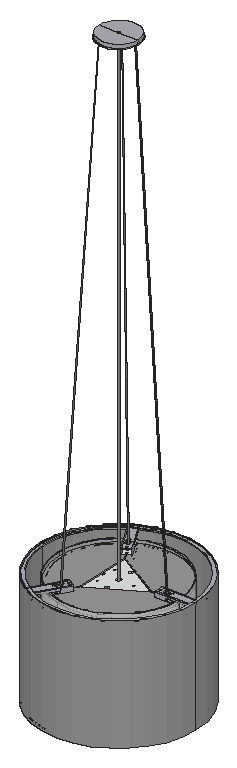
Revit family "Lighting - Lumetta - Pendant - P2023", category Lighting Fixtures, host Ceiling, Revit 2015
Parameters
  Wattage = 11.7117 W
  built-in parameter 1150110 = 1 (stored number, unit not read)
  URL = "https://lumetta.com/luminaires/shadow-drum-23-pendant/"
  Type Comments = ""
  built-in parameter 1114217 = 1 (stored number, unit not read)
  Top Lens-Material [instance] = Acrylic - 2447 - White
  Top Lens (Inner Core) [instance] = yes
  built-in parameter 1150109 = 1 (stored number, unit not read)
  built-in parameter 1150134 = (empty or 0)
  Suspension [instance] = 2
  built-in parameter 1150113 = 1 (stored number, unit not read)
  Stem Hung-ALL Lamping [instance] = Suspension = 3  # no
  P2048 URL [instance] = "https://lumetta.com/luminaires/shadow-drum-23-pendant/"
  Light Source Symbol Size = 0' - 1"
  Fixture Outer Drop [instance] = 6' - 0"
  Diffuser Outer Material [instance] = Glass, Matte
  1CRD-3CBL- LED-4 Wire [instance] = Suspension = 2  # yes
  Coupling-Stems Over 60 inches [instance] = and([Stem Hung-ALL Lamping], Fixture Outer Drop > 5' 0")  # no
  Model = "P2023"  # constant formula
  Manufacturer = "Lumetta, Inc."  # constant formula
  Lumens = 1300 lm
  built-in parameter 1150115 = 1 (stored number, unit not read)
  built-in parameter 1150105 = 103.45 (stored number, unit not read)
  built-in parameter 1150137 = (empty or 0)
  built-in parameter 1150139 = (empty or 0)
  built-in parameter 1150112 = 1 (stored number, unit not read)
  built-in parameter 1150114 = 1 (stored number, unit not read)
  built-in parameter 1150132 = 1
  built-in parameter 1150102 = (empty or 0)
  built-in parameter 1150138 = (empty or 0)
  built-in parameter 1150107 = 3000 (stored number, unit not read)
  built-in parameter 1150106 = 1.0345 (stored number, unit not read)
  Frame Finish [instance] = Paint - Lumetta - F02 - PC_Chrome
  built-in parameter 1150104 = 10.312 (stored number, unit not read)
  Dimming Lamp Color Temperature Shift = (empty or 0)
  Diffuser Inner Material [instance] = Shade - Lumetta - D61 - MT_White
  Description = "Shadow Drum 23'' Pendant"  # constant formula
  Cord [instance] = or(Suspension = 1, Suspension = 2)  # yes
  Bottom Lens-Material [instance] = Acrylic - P95 - Etched White
  Bottom Lens (Inner Core) [instance] = yes
  3 Cables [instance] = or(Suspension = 1, Suspension = 2)  # yes
  1CRD-3CBL-STD and 2 or 3 Wire [instance] = Suspension = 1  # no
  Cord Color [instance] = Cord, Black
  Color Filter = 16777215
  built-in parameter 1114218 = 1 (stored number, unit not read)
  built-in parameter 1150133 = 10 (stored number, unit not read)
Reference planes (in)
  plane 1 "Light Source Axis (F/B)": y = 0
  plane 2 "Ceiling": z = 96
  plane 3 "Light Source Axis (L/R)": x = 0
  plane 4 "Light Source Elevation": z = 21
  plane 5 "Fixture- Inner Top": z = 23.5
  plane 6 "Fixture-Inner Radius": x = 9
  plane 7 "Fixture-Inner Height": z = 9.5
  plane 8: through (0, 0, 0) normal (-0.5, -0.866, 0)
  plane 9: y = 0
  plane 10: through (0, 0, 0) normal (0.5, -0.866, 0)
  plane 11 "Plane-120": through (-4.5, 7.79423, 0) normal (0.5, -0.866, 0)
  plane 12 "Plane-240": through (-66.85383, 28.20577, 0) normal (0.5, 0.866, 0)
  plane 13 "Fixture-Outer Radius": x = 11.5
  plane 14 "Fixture- Outer Top": z = 24
  plane 15 "Fixture-Outer Height": z = 7
Forms (in)
  Revolve 1, solid, material "Paint - Lumetta - F02 - PC_Chrome" <- "Frame Finish", visible <- "3 Cables"
    sketch origin (0, 0, 0) x (1, 0, 0) y (0, 0, 1)
      loop
        line (0, 95.4375) -> (3, 95.4375) -> (3, 95.5) -> (2.87509, 95.5) -> (2.87509, 96) -> (0, 96) -> (0, 95.4375)
      axis (0, 96) -> (0, 95.4375)
    angle from 0 to 360
  Extrusion 2, void
    sketch origin (0, 0, 95.4375) x (0, -1, 0) y (1, 0, 0)
      loop
        circle (0, 0) r 0.25
      loop
        circle (0, 2.5) r 0.06274
      loop
        circle (-2.16506, -1.25) r 0.06274
      loop
        circle (2.16506, -1.25) r 0.06274
    from 0 to 0.06358
  Revolve 3, solid, material "Paint - Lumetta - F02 - PC_Chrome" <- "Frame Finish"
    sketch origin (0, 0, 0) x (1, 0, 0) y (0, 0, 1)
      loop
        line (9, 23.5) -> (8.9375, 23.5) -> (8.9375, 23.0625) -> (8.5, 23.0625) -> (8.5, 23) -> (9, 23) -> (9, 23.5)
      loop
        line (9, 10) -> (8.9375, 10) -> (8.9375, 9.5625) -> (8.5, 9.5625) -> (8.5, 9.5) -> (9, 9.5) -> (9, 10)
      axis (0, 23.5) -> (0, 9.5)
    angle from 0 to 360
  Revolve 4, solid, material "Shade - Lumetta - D61 - MT_White" <- "Diffuser Inner Material"
    sketch origin (0, 0, 0) x (1, 0, 0) y (0, 0, 1)
      loop
        line (9, 23.5) -> (9, 9.49709) -> (9.06242, 9.49709) -> (9.06242, 23.5) -> (9, 23.5)
      axis (0, 23.5) -> (0, 9.49709)
    angle from 0 to 360
  Extrusion 5, solid, material "Paint - Lumetta - F02 - PC_Chrome" <- "Frame Finish", visible <- "Stem Hung-ALL Lamping"
    sketch origin (0, 0, 23.5) x (0, -1, 0) y (-1, 0, 0)
      loop
        circle (0, 0) r 0.25
    from 0.6833 to -72.5
  Revolve 6, solid, material "Paint - Lumetta - F02 - PC_Chrome" <- "Frame Finish", visible <- "Coupling-Stems Over 60 inches"
    sketch origin (0, 0, 0) x (1, 0, 0) y (0, 0, 1)
      loop
        line (0, 84.03023) -> (0, 83.5) -> (0.26233, 83.5)
        arc (0.26233, 83.5) -> (0.31307, 83.55074) -> (0.26233, 83.60149) r 0.05074
        arc (0.26233, 83.60149) -> (0.29304, 83.76499) -> (0.26243, 83.92851) r 0.45126
        arc (0.26243, 83.92851) -> (0.31329, 83.97937) -> (0.26243, 84.03023) r 0.05086
        line (0.26243, 84.03023) -> (0, 84.03023)
      axis (0, 84.03023) -> (0, 83.5)
    angle from 0 to 360
  Revolve 7, solid, material "Paint - Lumetta - F02 - PC_Chrome" <- "Frame Finish", visible <- "Stem Hung-ALL Lamping"
    sketch origin (0, 0, 0) x (1, 0, 0) y (0, 0, 1)
      loop
        line (0, 96) -> (0, 93.40625) -> (0.34988, 93.40625)
        arc (0.34988, 93.40625) -> (0.49124, 93.54417) -> (0.58115, 93.72) r 0.61026
        line (0.58115, 93.72) -> (3, 93.72) -> (3, 93.78) -> (2.875, 93.78) -> (2.875, 96) -> (0, 96)
      axis (0, 96) -> (0, 93.40625)
    angle from 0 to 360
  Extrusion 8, solid, material "Cord, Black" <- "Cord Color", visible <- "Cord"
    sketch origin (0, 0, 23.5) x (0, -1, 0) y (1, 0, 0)
      loop
        circle (0, 0) r 0.15674
    from -0.56254 to 72.5
  Extrusion 9, solid, material "Paint - Lumetta - F02 - PC_Chrome" <- "Frame Finish"
    sketch origin (0, 0, 23.5) x (0, -1, 0) y (1, 0, 0)
      loop
        line (-0.5, 8.9747) -> (-0.5, 7.7753) -> (0.5, 7.7753) -> (0.5, 8.9747) -> (-0.5, 8.9747)
      loop
        circle (0, 8) r 0.11051
      loop
        line (-7.52232, -4.92036) -> (-6.48361, -4.32066) -> (-6.98361, -3.45464) -> (-8.02232, -4.05434) -> (-7.52232, -4.92036)
      loop
        circle (-6.9282, -4) r 0.11051
      loop
        line (8.02232, -4.05434) -> (6.98361, -3.45464) -> (6.48361, -4.32066) -> (7.52232, -4.92036) -> (8.02232, -4.05434)
      loop
        circle (6.9282, -4) r 0.11051
    from -0.5 to -0.56254
  Extrusion 10, solid, material "Acrylic - P95 - Etched White" <- "Bottom Lens-Material", visible <- "Bottom Lens (Inner Core)"
    sketch origin (0, 0, 9.5) x (0, -1, 0) y (1, 0, 0)
      loop
        circle (0, 0) r 8.84375
    from 0.0625 to 0.11254
  Revolve 11, solid, material "Paint - Lumetta - F02 - PC_Chrome" <- "Frame Finish"
    sketch origin (0, 0, 0) x (1, 0, 0) y (0, 0, 1)
      loop
        line (11.5, 23.9375) -> (11, 23.9375) -> (11, 23.875) -> (11.4375, 23.875) -> (11.4375, 23.4375) -> (11.5, 23.4375) -> (11.5, 23.9375)
      loop
        line (11.5, 7) -> (11.5, 7.5) -> (11.4375, 7.5) -> (11.4375, 7.0625) -> (11, 7.0625) -> (11, 7) -> (11.5, 7)
      axis (0, 23.9375) -> (0, 7)
    angle from 0 to 360
  Revolve 12, solid, material "Glass, Matte" <- "Diffuser Outer Material"
    sketch origin (0, 0, 0) x (1, 0, 0) y (0, 0, 1)
      loop
        line (11.5, 24) -> (11.5, 7) -> (11.53313, 7) -> (11.53313, 24) -> (11.5, 24)
      axis (0, 7) -> (0, 24)
    angle from 0 to 360
  Extrusion 13, solid, material "Paint - Lumetta - F02 - PC_Chrome" <- "Frame Finish"
    sketch origin (0, 0, 24) x (-1, 0, 0) y (0, -1, 0)
      loop
        line (-6, -0.6875) -> (-6, 0.6875) -> (-11.375, 0.6875) -> (-11.375, -0.6875) -> (-6, -0.6875)
      loop
        arc (-8.06827, 0.20806) -> (-8.21157, -0.0066) -> (-8.06189, -0.21687) r 0.22735
        line (-8.06189, -0.21687) -> (-7.33757, -0.38022)
        arc (-7.33757, -0.38022) -> (-6.85737, 0) -> (-7.33757, 0.38022) r 0.39062
        line (-7.33757, 0.38022) -> (-8.06827, 0.20806)
      loop
        circle (-6.241, -0.01007) r 0.09467
      loop
        line (3.59539, -4.8524) -> (2.40461, -5.5399) -> (5.09211, -10.19479) -> (6.28289, -9.50729) -> (3.59539, -4.8524)
      loop
        arc (3.85395, -7.09136) -> (4.1115, -7.10812) -> (4.21876, -6.87336) r 0.22735
        line (4.21876, -6.87336) -> (3.99806, -6.16441)
        arc (3.99806, -6.16441) -> (3.42868, -5.93865) -> (3.33951, -6.54463) r 0.39062
        line (3.33951, -6.54463) -> (3.85395, -7.09136)
      loop
        circle (3.12922, -5.39983) r 0.09467
      loop
        line (2.40461, 5.5399) -> (3.59539, 4.8524) -> (6.28289, 9.50729) -> (5.09211, 10.19479) -> (2.40461, 5.5399)
      loop
        arc (4.21432, 6.8833) -> (4.10006, 7.11473) -> (3.84313, 7.09023) r 0.22735
        line (3.84313, 7.09023) -> (3.33951, 6.54463)
        arc (3.33951, 6.54463) -> (3.42868, 5.93865) -> (3.99806, 6.16441) r 0.39062
        line (3.99806, 6.16441) -> (4.21432, 6.8833)
      loop
        circle (3.11178, 5.4099) r 0.09467
    from -0.19992 to -0.125
  Revolve 14, solid, material "Paint - Lumetta - F02 - PC_Chrome" <- "Frame Finish", visible <- "Stem Hung-ALL Lamping"
    sketch origin (0, 0, 0) x (1, 0, 0) y (0, 0, 1)
      loop
        arc (1.9375, 93.33818) -> (2.13408, 93.49233) -> (2.03125, 93.72) r 0.20242
        line (2.03125, 93.72) -> (1.9375, 93.72) -> (1.9375, 93.33818)
      axis (1.9375, 93.72) -> (1.9375, 93.33818)
    angle from 0 to 360
  Revolve 15, solid, material "Paint - Lumetta - F02 - PC_Chrome" <- "Frame Finish", visible <- "Stem Hung-ALL Lamping"
    sketch origin (0, 0, 0) x (-1, 0, 0) y (0, 0, 1)
      loop
        arc (1.9375, 93.33818) -> (2.13408, 93.49233) -> (2.03125, 93.72) r 0.20242
        line (2.03125, 93.72) -> (1.9375, 93.72) -> (1.9375, 93.33818)
      axis (1.9375, 93.72) -> (1.9375, 93.33818)
    angle from 0 to 360
  Revolve 16, solid, material "Paint - Lumetta - F02 - PC_Chrome" <- "Frame Finish", visible <- "1CRD-3CBL- LED-4 Wire"
    sketch origin (0, 0, 1.7175) x (1, 0, 0) y (0, 0, 1)
      loop
        arc (1.9375, 93.33818) -> (2.13408, 93.49233) -> (2.03125, 93.72) r 0.20242
        line (2.03125, 93.72) -> (1.9375, 93.72) -> (1.9375, 93.33818)
      axis (1.9375, 93.72) -> (1.9375, 93.33818)
    angle from 0 to 360
  Revolve 17, solid, material "Paint - Lumetta - F02 - PC_Chrome" <- "Frame Finish", visible <- "1CRD-3CBL- LED-4 Wire"
    sketch origin (0, 0, 1.7175) x (-1, 0, 0) y (0, 0, 1)
      loop
        arc (1.9375, 93.33818) -> (2.13408, 93.49233) -> (2.03125, 93.72) r 0.20242
        line (2.03125, 93.72) -> (1.9375, 93.72) -> (1.9375, 93.33818)
      axis (1.9375, 93.72) -> (1.9375, 93.33818)
    angle from 0 to 360
  Revolve 18, solid, material "Paint - Lumetta - F02 - PC_Chrome" <- "Frame Finish", visible <- "1CRD-3CBL- LED-4 Wire"
    sketch origin (0, 0, 0) x (1, 0, 0) y (0, 0, 1)
      loop
        line (0, 95.4375) -> (0, 95.31123) -> (0.375, 95.31123) -> (0.375, 95.4375) -> (0, 95.4375)
      axis (0, 95.4375) -> (0, 95.31123)
    angle from 0 to 360
  Revolve 19, solid, material "Paint - Lumetta - F02 - PC_Chrome" <- "Frame Finish", visible <- "1CRD-3CBL-STD and 2 or 3 Wire"
    sketch origin (0, 0, 0) x (1, 0, 0) y (0, 0, 1)
      loop
        line (0, 95.4375) -> (0, 94.9375) -> (0.28309, 94.9375) -> (0.375, 95.4375) -> (0, 95.4375)
      axis (0, 95.4375) -> (0, 94.9375)
    angle from 0 to 360
  Extrusion 20, solid, material "Acrylic - 2447 - White" <- "Top Lens-Material", visible <- "Top Lens (Inner Core)"
    sketch origin (0, 0, 23.5) x (0, -1, 0) y (1, 0, 0)
      loop
        arc (-4.7754, -3.47877) -> (-4.76291, -3.57362) -> (-4.82115, -3.64952) r 0.125
        line (-4.82115, -3.64952) -> (-7.25632, -5.05546)
        arc (-7.25632, -5.05546) -> (0, -8.84375) -> (7.25632, -5.05546) r 8.84375
        line (7.25632, -5.05546) -> (4.79278, -3.63314)
        arc (4.79278, -3.63314) -> (4.7498, -3.57713) -> (4.75902, -3.50714) r 0.09224
        line (4.75902, -3.50714) -> (5.05665, -2.99163) -> (4.05271, -2.412) -> (-4.05271, -2.412) -> (-5.05665, -2.99163) -> (-4.7754, -3.47877)
      loop
        arc (-0.625, 5.875) -> (-0.71339, 5.91161) -> (-0.75, 6) r 0.125
        line (-0.75, 6) -> (-0.75, 8.81189)
        arc (-0.75, 8.81189) -> (-7.65891, 4.42188) -> (-8.00632, -3.75643) r 8.84375
        line (-8.00632, -3.75643) -> (-5.54278, -2.3341)
        arc (-5.54278, -2.3341) -> (-5.47279, -2.32488) -> (-5.41678, -2.36786) r 0.09224
        line (-5.41678, -2.36786) -> (-5.11915, -2.88337) -> (-4.11521, -2.30375) -> (-0.0625, 4.71575) -> (-0.0625, 5.875) -> (-0.625, 5.875)
      loop
        arc (5.4004, -2.39623) -> (5.4763, -2.33799) -> (5.57115, -2.35048) r 0.125
        line (5.57115, -2.35048) -> (8.00632, -3.75643)
        arc (8.00632, -3.75643) -> (7.65891, 4.42187) -> (0.75, 8.81189) r 8.84375
        line (0.75, 8.81189) -> (0.75, 5.96724)
        arc (0.75, 5.96724) -> (0.72298, 5.90202) -> (0.65776, 5.875) r 0.09224
        line (0.65776, 5.875) -> (0.0625, 5.875) -> (0.0625, 4.71575) -> (4.11521, -2.30375) -> (5.11915, -2.88337) -> (5.4004, -2.39623)
    from -0.4375 to -0.375
  Extrusion 21, solid, material "Paint - Lumetta - F02 - PC_Chrome" <- "Frame Finish"
    sketch origin (0, 0, 23.5) x (0, -1, 0) y (1, 0, 0)
      loop
        line (-0.6875, 5.99237) -> (-0.625, 5.99237) -> (-0.625, 11.36737) -> (-0.6875, 11.36737) -> (-0.6875, 5.99237)
      loop
        line (0.6875, 5.99237) -> (0.6875, 11.36737) -> (0.625, 11.36737) -> (0.625, 5.99237) -> (0.6875, 5.99237)
      loop
        line (-4.84579, -3.59158) -> (-4.87704, -3.53745) -> (-9.53193, -6.22495) -> (-9.50068, -6.27908) -> (-4.84579, -3.59158)
      loop
        line (-5.53329, -2.40079) -> (-10.18818, -5.08829) -> (-10.15693, -5.14242) -> (-5.50204, -2.45492) -> (-5.53329, -2.40079)
      loop
        line (5.53329, -2.40079) -> (5.50204, -2.45492) -> (10.15693, -5.14242) -> (10.18818, -5.08829) -> (5.53329, -2.40079)
      loop
        line (4.84579, -3.59158) -> (9.50068, -6.27908) -> (9.53193, -6.22495) -> (4.87704, -3.53745) -> (4.84579, -3.59158)
    from 0 to 0.375
  Extrusion 22, solid, material "Paint - Lumetta - F02 - PC_Chrome" <- "Frame Finish"
    sketch origin (0, 0, 23.5) x (0, -1, 0) y (1, 0, 0)
      loop
        line (-0.6875, 6) -> (-0.625, 6) -> (-0.625, 7.5) -> (-0.6875, 7.5) -> (-0.6875, 6)
      loop
        line (0.6875, 6) -> (0.6875, 7.5) -> (0.625, 7.5) -> (0.625, 6) -> (0.6875, 6)
      loop
        line (-4.8524, -3.59539) -> (-4.88365, -3.54127) -> (-6.18269, -4.29127) -> (-6.15144, -4.34539) -> (-4.8524, -3.59539)
      loop
        line (-5.5399, -2.40461) -> (-6.83894, -3.15461) -> (-6.80769, -3.20873) -> (-5.50865, -2.45873) -> (-5.5399, -2.40461)
      loop
        line (5.5399, -2.40461) -> (5.50865, -2.45873) -> (6.80769, -3.20873) -> (6.83894, -3.15461) -> (5.5399, -2.40461)
      loop
        line (4.8524, -3.59539) -> (6.15144, -4.34539) -> (6.18269, -4.29127) -> (4.88365, -3.54127) -> (4.8524, -3.59539)
    from -0.56254 to 0
  Sweep 23, solid, material "Steel, Galvanized", visible <- "3 Cables"
    path origin (0, 0, 0) x (1, 0, 0) y (0, 0, 1)
      loop
        line (2.5, 95.50108) -> (7.2587, 22.93746)
    profile origin (4.87935, 0, 59.21927) x (0.997857, 0, 0.065439) y (0, -1, 0)
      loop
        circle (0, 0) r 0.03083
  Extrusion 24, solid, material "Paint - Lumetta - F11 - PC_White"
    sketch origin (0.009, 0, 23.5) x (0, -1, 0) y (1, 0, 0)
      loop
        circle (0, 0) r 0.34375
      loop
        arc (-0.9375, 4.38322) -> (-0.73657, 4.28103) -> (-0.73258, 4.05564) r 0.21875
        line (-0.73258, 4.05564) -> (-3.87858, -1.39339)
        arc (-3.87858, -1.39339) -> (-4.07576, -1.50263) -> (-4.26473, -1.37971) r 0.21875
        line (-4.26473, -1.37971) -> (-7.59813, -3.30425) -> (-6.66063, -4.92805) -> (-3.32723, -3.00351)
        arc (-3.32723, -3.00351) -> (-3.3392, -2.7784) -> (-3.146, -2.66225) r 0.21875
        line (-3.146, -2.66225) -> (3.146, -2.66225)
        arc (3.146, -2.66225) -> (3.3392, -2.7784) -> (3.32723, -3.00351) r 0.21875
        line (3.32723, -3.00351) -> (6.66063, -4.92805) -> (7.59813, -3.30425) -> (4.26473, -1.37971)
        arc (4.26473, -1.37971) -> (4.07576, -1.50263) -> (3.87858, -1.39339) r 0.21875
        line (3.87858, -1.39339) -> (0.73258, 4.05564)
        arc (0.73258, 4.05564) -> (0.73657, 4.28103) -> (0.9375, 4.38322) r 0.21875
        line (0.9375, 4.38322) -> (0.9375, 8.2323) -> (-0.9375, 8.2323) -> (-0.9375, 4.38322)
      loop
        circle (0, 7.2497) r 0.1266
      loop
        circle (0, 7.991) r 0.09276
      loop
        circle (0, 6.4997) r 0.106
      loop
        circle (0, 5.9997) r 0.07031
      loop
        circle (-2.25, 0) r 0.26562
      loop
        circle (2.25, 0) r 0.26562
      loop
        circle (0, -2.25) r 0.10938
      loop
        circle (0, 2.25) r 0.10938
      loop
        circle (-1.641, -1.875) r 0.10938
      loop
        circle (1.639, -1.875) r 0.10938
      loop
        circle (-6.27842, -3.62485) r 0.1266
      loop
        circle (-6.92041, -3.9955) r 0.09276
      loop
        circle (-5.62891, -3.24985) r 0.106
      loop
        circle (-5.19589, -2.99985) r 0.07031
      loop
        circle (6.27842, -3.62485) r 0.1266
      loop
        circle (6.92041, -3.9955) r 0.09276
      loop
        circle (5.62891, -3.24985) r 0.106
      loop
        circle (5.19589, -2.99985) r 0.07031
    from -0.56254 to -0.62504
  Sweep 25, solid, material "Steel, Galvanized", visible <- "3 Cables"
    path origin (0, 0, 0) x (-0.5, 0.866025, 0) y (0, 0, 1)
      loop
        line (2.5, 95.50108) -> (7.2587, 22.93746)
    profile origin (-2.43967, 4.22564, 59.21927) x (-0.498928, 0.864169, 0.065439) y (0.866025, 0.5, 0)
      loop
        circle (0, 0) r 0.03083
  Sweep 26, solid, material "Steel, Galvanized", visible <- "3 Cables"
    path origin (0, 0, 0) x (-0.5, -0.866025, 0) y (0, 0, 1)
      loop
        line (2.5, 95.50108) -> (7.2587, 22.93746)
    profile origin (-2.43967, -4.22564, 59.21927) x (-0.498928, -0.864169, 0.065439) y (-0.866025, 0.5, 0)
      loop
        circle (0, 0) r 0.03083
Cuts and joins
  joined: Extrusion 21, Extrusion 22
Dimensions and locks (in)
  equal spacing: host sketch curve, plane 3 "Light Source Axis (L/R)", host sketch curve
  equal spacing: host sketch curve, plane 1 "Light Source Axis (F/B)", host sketch curve
  host sketch curve to host sketch curve = 10' - 0"  (x2)
  locked: plane 5 "Fixture- Inner Top" to plane 4 "Light Source Elevation" at 2.5
  plane 6 "Fixture-Inner Radius" to plane 3 "Light Source Axis (L/R)" = 0' - 9"  (x2)
  locked: plane 5 "Fixture- Inner Top" to plane 7 "Fixture-Inner Height" at 14
  locked: Revolve 1 sketch curve to plane 3 "Light Source Axis (L/R)" at 2.87509
  locked: Revolve 1 sketch curve to plane 3 "Light Source Axis (L/R)" at 3
  locked: Extrusion 2 sketch curve to Extrusion 2 sketch curve at 2.5
  locked: plane 6 "Fixture-Inner Radius" to Revolve 3 sketch curve at 0.0625  (x2)
  locked: Revolve 4 sketch curve to plane 6 "Fixture-Inner Radius" at 0.06242
  locked: Revolve 3 to Revolve 4 at 0.06541
  locked: Extrusion 5 sketch curve to imposter light
  locked: Extrusion 5 sketch curve to imposter light at 0
  Revolve 6 sketch curve to Revolve 6 sketch curve = 0' - 0.15822"
  locked: Revolve 6 sketch curve to Revolve 4 at 60
  locked: Revolve 6 sketch curve to Revolve 6 sketch curve at 0.53023
  locked: Revolve 6 sketch curve to Revolve 6 sketch curve at 0.26243
  locked: Revolve 6 sketch curve to Revolve 6 sketch curve at 0.26233
  locked: Revolve 6 sketch curve to Revolve 6 sketch curve at 0.05074
  locked: Revolve 6 sketch curve to Revolve 6 sketch curve at 0.47937
  locked: Revolve 6 sketch curve to Revolve 6 sketch curve at 0.26512
  locked: Revolve 7 sketch curve to Revolve 7 sketch curve at 2.875
  locked: Revolve 7 sketch curve to Revolve 7 sketch curve at 0.31375
  locked: plane 5 "Fixture- Inner Top" to Revolve 3 sketch curve at 0.5
  Revolve 3 sketch curve to Revolve 3 sketch curve = 0' - 0 1/16"
  locked: Revolve 3 sketch curve to plane 7 "Fixture-Inner Height" at 0.5
  locked: plane 6 "Fixture-Inner Radius" to Revolve 3 sketch curve at 0.5  (x2)
  locked: Revolve 1 sketch curve to Revolve 1 sketch curve at 0.0625
  locked: host ceiling to Revolve 1 sketch curve at 0.5625
  locked: Revolve 1 sketch curve to Revolve 1 sketch curve at 0.5625
  locked: Revolve 1 sketch curve to Revolve 1 sketch curve at 3
  Revolve 1 sketch curve to Revolve 1 sketch curve = 0' - 2.87509"
  plane 10 to plane 11 "Plane-120" = 0' - 9"
  plane 12 "Plane-240" to plane 8 = 0' - 9"
  locked: plane 10 to Extrusion 2 sketch curve at 2.5
  locked: Extrusion 2 sketch curve to plane 8 at 2.5
  locked: Extrusion 10 to plane 7 "Fixture-Inner Height" at 0.11254
  locked: plane 13 "Fixture-Outer Radius" to plane 3 "Light Source Axis (L/R)" at 11.5
  "Fixture Outer Drop": plane 2 "Ceiling" to plane 14 "Fixture- Outer Top"
  locked: plane 14 "Fixture- Outer Top" to plane 5 "Fixture- Inner Top" at 0.5
  locked: plane 14 "Fixture- Outer Top" to plane 15 "Fixture-Outer Height" at 17
  locked: Revolve 11 sketch curve to plane 15 "Fixture-Outer Height" at 0
  locked: Revolve 11 sketch curve to plane 13 "Fixture-Outer Radius" at 0  (x2)
  locked: Revolve 12 sketch curve to plane 13 "Fixture-Outer Radius" at 0
  locked: plane 13 "Fixture-Outer Radius" to Revolve 12 sketch curve at 0.03313
  locked: Revolve 12 sketch curve to plane 14 "Fixture- Outer Top" at 0
  locked: Revolve 12 sketch curve to plane 15 "Fixture-Outer Height" at 0
  locked: Extrusion 9 sketch curve to Extrusion 9 sketch curve at 0.2247  (x3)
  Revolve 7 to Revolve 14 sketch curve = 0' - 0"
  locked: Revolve 1 to Revolve 19 sketch curve at 0.5
  locked: Revolve 19 sketch curve to Revolve 19 sketch curve at 0.27843
  locked: Revolve 19 sketch curve to plane 3 "Light Source Axis (L/R)" at 0.375
  Extrusion 21 to Extrusion 13 = 0' - 0.00763"
  Extrusion 21 to plane 6 "Fixture-Inner Radius" = 0' - 3.00763"  (x2)
  locked: Revolve 11 sketch curve to Revolve 11 sketch curve at 0.5  (x4)
  locked: Revolve 11 sketch curve to Revolve 11 sketch curve at 0.0625  (x4)
  locked: Extrusion 20 sketch curve to plane 3 "Light Source Axis (L/R)" at 2.412
  locked: Extrusion 9 sketch curve to plane 9 at 0.5
  equal spacing: Extrusion 9 sketch curve, plane 9, Extrusion 9 sketch curve
  locked: Revolve 3 sketch curve to plane 5 "Fixture- Inner Top" at 0
  locked: Revolve 3 sketch curve to Revolve 3 sketch curve at 0.0625
  locked: Extrusion 13 sketch curve to plane 13 "Fixture-Outer Radius" at 0.125
  locked: Extrusion 13 sketch curve to Extrusion 13 sketch curve at 0.241  (x3)
  Extrusion 13 sketch curve to Extrusion 13 sketch curve = 0' - 5 3/8"
  locked: Extrusion 13 sketch curve to Extrusion 13 sketch curve at 0.73626  (x3)
  locked: Extrusion 13 sketch curve to plane 9 at 0.00319
  locked: Extrusion 13 sketch curve to plane 9 at 0
  locked: Extrusion 13 sketch curve to Extrusion 13 sketch curve at 1.24799  (x3)
  locked: Extrusion 21 sketch curve to Extrusion 21 sketch curve at 5.375  (x2)
  locked: Extrusion 21 sketch curve to plane 13 "Fixture-Outer Radius" at 0.13263  (x2)
  locked: Extrusion 22 sketch curve to Extrusion 22 sketch curve at 1.5  (x2)
  locked: Extrusion 22 sketch curve to plane 13 "Fixture-Outer Radius" at 5.5  (x2)
  locked: Extrusion 9 sketch curve to plane 6 "Fixture-Inner Radius" at 0.0253
  equal spacing: Extrusion 24 sketch curve, plane 9, Extrusion 24 sketch curve
  locked: Extrusion 24 sketch curve to plane 6 "Fixture-Inner Radius" at 0.7587
  locked: Extrusion 24 sketch curve to Extrusion 24 sketch curve at 0.2413  (x3)
  Extrusion 24 sketch curve to Extrusion 24 sketch curve = 0' - 1 7/8"
  locked: Extrusion 9 sketch curve to plane 6 "Fixture-Inner Radius" at 1
  Extrusion 9 sketch curve to Extrusion 9 sketch curve = 0' - 1"
  locked: plane 5 "Fixture- Inner Top" to Extrusion 20 at 0.375
  locked: plane 5 "Fixture- Inner Top" to Extrusion 9 at 0.56254
  locked: plane 5 "Fixture- Inner Top" to Extrusion 24 at 0.62504
  locked: Extrusion 24 to Extrusion 24 at 0.0625
  locked: Extrusion 20 to Extrusion 20 at 0.0625
  locked: Extrusion 9 to Extrusion 9 at 0.06254
  radius of Extrusion 10 sketch curve = 0' - 8 27/32"
  diameter of Extrusion 20 sketch curve = 1' - 5 11/16"
  aligned and locked: plane 3 "Light Source Axis (L/R)" to imposter light
  aligned and locked: plane 1 "Light Source Axis (F/B)" to imposter light
  aligned and locked: plane 4 "Light Source Elevation" to imposter light
  aligned and locked: Revolve 4 sketch curve to plane 3 "Light Source Axis (L/R)"
  aligned and locked: Revolve 6 sketch curve to Revolve 6 sketch curve  (x2)
  aligned and locked: host ceiling to Extrusion 5
  aligned and locked: host ceiling to Extrusion 8
  aligned and locked: Revolve 11 sketch curve to plane 3 "Light Source Axis (L/R)"
  aligned and locked: Revolve 12 sketch curve to plane 3 "Light Source Axis (L/R)"
  aligned and locked: Revolve 11 to Extrusion 13
  aligned and locked: Extrusion 22 to plane 5 "Fixture- Inner Top"
  aligned and locked: Extrusion 10 to Revolve 3
  aligned and locked: Sweep 23 sketch curve to Extrusion 24
Automatic sketch dimensions
  Revolve 1 sketch curve to plane 3 "Light Source Axis (L/R)" = 0' - 0"
  Revolve 1 sketch curve to Revolve 1 sketch curve = 0' - 0"
  Revolve 1 sketch curve to Revolve 1 sketch curve = 0' - 9 3/4"
  Extrusion 2 sketch curve to Revolve 1 = 0' - 0"
  Revolve 1 to Extrusion 2 sketch curve = 0' - 2.16506"
  Extrusion 2 sketch curve to Revolve 1 = 0' - 2.16506"
  Revolve 7 sketch curve to plane 3 "Light Source Axis (L/R)" = 0' - 0"  (x3)
  Revolve 7 sketch curve to plane 2 "Ceiling" = 0' - 0"
  plane 3 "Light Source Axis (L/R)" to Revolve 7 sketch curve = 0' - 0.34988"
  Revolve 7 sketch curve to Revolve 7 sketch curve = 0' - 0.23126"
  Revolve 7 sketch curve to Revolve 7 sketch curve = 0' - 0 1/8"
  Revolve 7 sketch curve to plane 2 "Ceiling" = 0' - 2 3/32"
  Revolve 7 sketch curve to Revolve 7 sketch curve = 0' - 0.06"
  plane 2 "Ceiling" to Revolve 7 sketch curve = 0' - 1 3/4"
  Revolve 7 sketch curve to Revolve 7 sketch curve = 0' - 2 1/2"
  plane 1 "Light Source Axis (F/B)" to Extrusion 8 sketch curve = 0' - 0"
  Extrusion 8 sketch curve to plane 3 "Light Source Axis (L/R)" = 0' - 0"
  Revolve 11 sketch curve to plane 14 "Fixture- Outer Top" = 0' - 0 1/16"
  level to Revolve 11 sketch curve = 0' - 2 1/4"
  Revolve 11 sketch curve to plane 7 "Fixture-Inner Height" = 0' - 5 1/2"
  Revolve 12 sketch curve to plane 15 "Fixture-Outer Height" = 0' - 1 1/2"
  Revolve 12 sketch curve to level = 1' - 0"
  Revolve 14 sketch curve to Revolve 14 sketch curve = 0' - 0.1794"
  Revolve 14 sketch curve to Revolve 14 sketch curve = 0' - 0.90349"
  plane 2 "Ceiling" to Revolve 14 sketch curve = 0' - 0.68468"
  plane 3 "Light Source Axis (L/R)" to Revolve 15 sketch curve = 0' - 1 15/16"
  Revolve 15 sketch curve to Revolve 15 sketch curve = 0' - 0 3/32"
  plane 2 "Ceiling" to Revolve 15 sketch curve = 0' - 2.66182"
  Revolve 15 sketch curve to Revolve 15 sketch curve = 0' - 0.20242"
  Revolve 15 sketch curve to Revolve 15 sketch curve = 0' - 0"
  Revolve 15 sketch curve to Revolve 15 sketch curve = 0' - 0.90349"
  Revolve 15 sketch curve to plane 2 "Ceiling" = 0' - 0.68468"
  Revolve 16 sketch curve to plane 2 "Ceiling" = 0' - 0.94432"
  Revolve 16 sketch curve to Revolve 16 sketch curve = 0' - 0.20242"
  Revolve 16 sketch curve to Revolve 16 sketch curve = 0' - 0.90349"
  plane 2 "Ceiling" to Revolve 16 sketch curve = 0' - 2.40218"
  plane 2 "Ceiling" to Revolve 17 sketch curve = 0' - 0.7419"
  plane 3 "Light Source Axis (L/R)" to Revolve 17 sketch curve = 0' - 1 15/16"
  Revolve 17 sketch curve to Revolve 17 sketch curve = 0' - 0 3/32"
  Revolve 17 sketch curve to Revolve 17 sketch curve = 0' - 0.20242"
  Revolve 17 sketch curve to Revolve 17 sketch curve = 0' - 0"
  Revolve 17 sketch curve to Revolve 17 sketch curve = 0' - 0.90349"
  Revolve 17 sketch curve to plane 2 "Ceiling" = 0' - 2.40218"
  Revolve 18 sketch curve to plane 3 "Light Source Axis (L/R)" = 0' - 0"  (x2)
  plane 3 "Light Source Axis (L/R)" to Revolve 18 sketch curve = 0' - 0 3/8"
  Revolve 18 sketch curve to plane 2 "Ceiling" = 0' - 0.68877"
  Revolve 18 sketch curve to Revolve 18 sketch curve = 0' - 0.12627"
  Revolve 18 sketch curve to Revolve 18 sketch curve = 0' - 0.21888"
  Revolve 18 sketch curve to plane 2 "Ceiling" = 0' - 0.22322"
  Revolve 19 sketch curve to plane 3 "Light Source Axis (L/R)" = 0' - 0"  (x2)
  plane 3 "Light Source Axis (L/R)" to Revolve 19 sketch curve = 0' - 0.28309"
  Revolve 19 sketch curve to Revolve 19 sketch curve = 0' - 0 3/4"
  plane 2 "Ceiling" to Revolve 19 sketch curve = 0' - 0 7/16"
  plane 3 "Light Source Axis (L/R)" to Revolve 14 sketch curve = 0' - 1 15/16"
  Revolve 14 sketch curve to Revolve 14 sketch curve = 0' - 0 3/32"
  Revolve 14 sketch curve to Revolve 14 sketch curve = 0' - 0"
  plane 3 "Light Source Axis (L/R)" to Revolve 16 sketch curve = 0' - 1 15/16"
  Revolve 16 sketch curve to Revolve 16 sketch curve = 0' - 0 3/32"
  Revolve 16 sketch curve to Revolve 16 sketch curve = 0' - 0"
  Revolve 4 sketch curve to plane 6 "Fixture-Inner Radius" = 0' - 0"
  Revolve 4 sketch curve to plane 5 "Fixture- Inner Top" = 0' - 0"
  plane 7 "Fixture-Inner Height" to Revolve 4 sketch curve = 0' - 0.00291"
  plane 7 "Fixture-Inner Height" to Revolve 4 sketch curve = 0' - 1 1/4"
  plane 14 "Fixture- Outer Top" to Revolve 4 sketch curve = 0' - 1 3/4"
  Revolve 6 sketch curve to plane 3 "Light Source Axis (L/R)" = 0' - 0"
  Revolve 6 sketch curve to Revolve 6 sketch curve = 0' - 11.34317"
  Sweep 23 sketch curve to profile plane = 0' - 0"  (x2)
  Extrusion 20 sketch curve to Extrusion 20 sketch curve = 0' - 0"  (x8)
  plane 1 "Light Source Axis (F/B)" to Extrusion 20 sketch curve = 0' - 0"
  Extrusion 20 sketch curve to plane 3 "Light Source Axis (L/R)" = 0' - 0"
  Extrusion 20 sketch curve to plane 1 "Light Source Axis (F/B)" = 0' - 0 1/16"
  Extrusion 20 sketch curve to Extrusion 20 sketch curve = 0' - 0 9/16"
  Extrusion 20 sketch curve to plane 1 "Light Source Axis (F/B)" = 0' - 0 3/4"
  Extrusion 20 sketch curve to plane 1 "Light Source Axis (F/B)" = 0' - 4.05271"
  Extrusion 20 sketch curve to Extrusion 20 sketch curve = 0' - 0 1/16"  (x5)
  Extrusion 20 sketch curve to Extrusion 20 sketch curve = 0' - 0.72269"
  Extrusion 20 sketch curve to Extrusion 20 sketch curve = 0' - 0.04575"
  Extrusion 20 sketch curve to Extrusion 20 sketch curve = 0' - 0.10825"  (x4)
  Extrusion 20 sketch curve to plane 3 "Light Source Axis (L/R)" = 0' - 2.99163"  (x2)
  Extrusion 20 sketch curve to Extrusion 20 sketch curve = 0' - 0 9/32"  (x2)
  Extrusion 20 sketch curve to plane 3 "Light Source Axis (L/R)" = 0' - 2.36786"
  Extrusion 20 sketch curve to Extrusion 20 sketch curve = 0' - 0.29763"  (x2)
  Extrusion 20 sketch curve to Extrusion 20 sketch curve = 0' - 0.07988"
  Extrusion 20 sketch curve to plane 3 "Light Source Axis (L/R)" = 0' - 2.3341"
  Extrusion 20 sketch curve to Extrusion 20 sketch curve = 0' - 0.04612"  (x2)
  Extrusion 20 sketch curve to plane 3 "Light Source Axis (L/R)" = 0' - 5.05546"  (x2)
  Extrusion 20 sketch curve to plane 3 "Light Source Axis (L/R)" = 0' - 3.75643"  (x2)
  Extrusion 20 sketch curve to Extrusion 20 sketch curve = 0' - 0 3/4"  (x2)
  plane 1 "Light Source Axis (F/B)" to Extrusion 20 sketch curve = 0' - 0 1/16"
  Extrusion 20 sketch curve to Extrusion 20 sketch curve = 0' - 0.59526"
  plane 1 "Light Source Axis (F/B)" to Extrusion 20 sketch curve = 0' - 0 3/4"
  plane 1 "Light Source Axis (F/B)" to Extrusion 20 sketch curve = 0' - 4.05271"
  Extrusion 20 sketch curve to Extrusion 20 sketch curve = 0' - 0.70631"
  Extrusion 20 sketch curve to Extrusion 20 sketch curve = 0' - 0.03376"
  Extrusion 20 sketch curve to plane 3 "Light Source Axis (L/R)" = 0' - 2.39623"
  Extrusion 20 sketch curve to plane 3 "Light Source Axis (L/R)" = 0' - 2.35048"
  Extrusion 20 sketch curve to Extrusion 20 sketch curve = 0' - 0.17075"
  Extrusion 20 sketch curve to Extrusion 20 sketch curve = 0' - 0.126"
  Extrusion 20 sketch curve to Extrusion 20 sketch curve = 0' - 4.09614"
  Extrusion 20 sketch curve to Extrusion 20 sketch curve = 0' - 1.15925"
  plane 3 "Light Source Axis (L/R)" to Revolve 3 sketch curve = 0' - 0"
  Revolve 3 sketch curve to plane 6 "Fixture-Inner Radius" = 0' - 0"  (x2)
  Revolve 3 sketch curve to plane 7 "Fixture-Inner Height" = 0' - 0"
  Revolve 3 sketch curve to plane 7 "Fixture-Inner Height" = 0' - 0 1/16"
  Revolve 3 sketch curve to level = 0' - 10"
  Revolve 3 sketch curve to plane 2 "Ceiling" = 0' - 1"
  plane 1 "Light Source Axis (F/B)" to Extrusion 13 sketch curve = 0' - 0.20806"
  Extrusion 13 sketch curve to Extrusion 13 sketch curve = 0' - 0.08403"
  Extrusion 13 sketch curve to plane 1 "Light Source Axis (F/B)" = 0' - 0.21687"
  plane 1 "Light Source Axis (F/B)" to Extrusion 13 sketch curve = 0' - 0.38022"
  Extrusion 13 sketch curve to Extrusion 13 sketch curve = 0' - 0.08958"
  Extrusion 13 sketch curve to plane 1 "Light Source Axis (F/B)" = 0' - 0.38022"
  Extrusion 13 sketch curve to plane 3 "Light Source Axis (L/R)" = 0' - 2.40461"  (x2)
  Extrusion 13 sketch curve to Extrusion 13 sketch curve = 0' - 0.70717"
  Extrusion 13 sketch curve to Extrusion 13 sketch curve = 0' - 0.72461"
  Extrusion 13 sketch curve to Extrusion 13 sketch curve = 0' - 0.21029"
  Extrusion 13 sketch curve to Extrusion 13 sketch curve = 0' - 0.22773"
  Extrusion 13 sketch curve to Extrusion 13 sketch curve = 0' - 0.48361"
  Extrusion 13 sketch curve to Extrusion 13 sketch curve = 0' - 0.46617"
  Extrusion 13 sketch curve to Extrusion 13 sketch curve = 0' - 0.28449"  (x2)
  Extrusion 13 sketch curve to Extrusion 13 sketch curve = 0' - 0.50362"
  Extrusion 13 sketch curve to Extrusion 13 sketch curve = 0' - 0.51444"
  Extrusion 13 sketch curve to Extrusion 13 sketch curve = 0' - 0.14623"
  Extrusion 13 sketch curve to Extrusion 13 sketch curve = 0' - 0.14093"
  Extrusion 13 sketch curve to Extrusion 13 sketch curve = 0' - 0.37407"  (x2)
  Extrusion 13 sketch curve to Extrusion 13 sketch curve = 0' - 0.22496"
  Extrusion 13 sketch curve to Extrusion 13 sketch curve = 0' - 0.22387"
  Extrusion 13 sketch curve to Extrusion 13 sketch curve = 0' - 1.23816"
  Extrusion 13 sketch curve to Extrusion 13 sketch curve = 0' - 1.24898"
  Extrusion 13 sketch curve to plane 1 "Light Source Axis (F/B)" = 0' - 0 11/16"
  Extrusion 13 sketch curve to plane 1 "Light Source Axis (F/B)" = 0' - 4.8524"
  Extrusion 13 sketch curve to Extrusion 13 sketch curve = 0' - 0.54743"
  Extrusion 13 sketch curve to Extrusion 13 sketch curve = 0' - 0.11253"  (x2)
  Extrusion 13 sketch curve to Extrusion 13 sketch curve = 0' - 0.0396"
  Extrusion 13 sketch curve to plane 1 "Light Source Axis (F/B)" = 0' - 0.01007"
  plane 1 "Light Source Axis (F/B)" to Extrusion 13 sketch curve = 0' - 0 11/16"
  plane 1 "Light Source Axis (F/B)" to Extrusion 13 sketch curve = 0' - 4.8524"
  Extrusion 13 sketch curve to Extrusion 13 sketch curve = 0' - 0.5575"
  Extrusion 13 sketch curve to Extrusion 13 sketch curve = 0' - 0.03285"
  Sweep 23 sketch curve to plane 2 "Ceiling" = 0' - 0.49892"
  plane 3 "Light Source Axis (L/R)" to Sweep 23 sketch curve = 0' - 2 1/2"
  Sweep 23 sketch curve to plane 6 "Fixture-Inner Radius" = 0' - 1.7413"
  Sweep 25 sketch curve to plane 2 "Ceiling" = 0' - 0.49892"
  Sweep 25 sketch curve to plane 10 = 0' - 2 1/2"
  plane 5 "Fixture- Inner Top" to Sweep 25 sketch curve = 0' - 0.56254"
  plane 11 "Plane-120" to Sweep 25 sketch curve = 0' - 1.7413"
  Sweep 25 sketch curve to profile plane = 0' - 0"
  profile plane to Sweep 25 sketch curve = 0' - 0"
  Sweep 26 sketch curve to plane 2 "Ceiling" = 0' - 0.49892"
  plane 8 to Sweep 26 sketch curve = 0' - 2 1/2"
  plane 5 "Fixture- Inner Top" to Sweep 26 sketch curve = 0' - 0.56254"
  plane 12 "Plane-240" to Sweep 26 sketch curve = 0' - 1.7413"
  profile plane to Sweep 26 sketch curve = 0' - 0"  (x2)
  Extrusion 21 sketch curve to plane 3 "Light Source Axis (L/R)" = 0' - 5.08829"
  Extrusion 21 sketch curve to plane 1 "Light Source Axis (F/B)" = 0' - 10.18818"
  Extrusion 21 sketch curve to plane 3 "Light Source Axis (L/R)" = 0' - 5.14242"
  Extrusion 21 sketch curve to Extrusion 21 sketch curve = 0' - 0 1/32"  (x4)
  Extrusion 21 sketch curve to Extrusion 21 sketch curve = 0' - 0 5/8"  (x4)
  Extrusion 21 sketch curve to plane 3 "Light Source Axis (L/R)" = 0' - 6.27908"
  Extrusion 21 sketch curve to plane 3 "Light Source Axis (L/R)" = 0' - 2.40079"  (x2)
  Extrusion 21 sketch curve to plane 1 "Light Source Axis (F/B)" = 0' - 0 11/16"
  Extrusion 21 sketch curve to Extrusion 21 sketch curve = 0' - 0 1/16"  (x2)
  plane 1 "Light Source Axis (F/B)" to Extrusion 21 sketch curve = 0' - 0 5/8"
  plane 1 "Light Source Axis (F/B)" to Extrusion 21 sketch curve = 0' - 4.84579"
  Extrusion 21 sketch curve to plane 3 "Light Source Axis (L/R)" = 0' - 3.53745"
  Extrusion 21 sketch curve to Extrusion 21 sketch curve = 0' - 4.65489"
  Extrusion 21 sketch curve to Extrusion 21 sketch curve = 0' - 2.74163"
  Extrusion 21 sketch curve to Extrusion 21 sketch curve = 0' - 0.05413"
  Extrusion 21 sketch curve to Extrusion 21 sketch curve = 0' - 1.08253"
  Extrusion 22 sketch curve to plane 3 "Light Source Axis (L/R)" = 0' - 3.15461"
  Extrusion 22 sketch curve to plane 1 "Light Source Axis (F/B)" = 0' - 6.83894"
  Extrusion 22 sketch curve to plane 3 "Light Source Axis (L/R)" = 0' - 3.20873"
  Extrusion 22 sketch curve to Extrusion 22 sketch curve = 0' - 0 1/32"  (x4)
  Extrusion 22 sketch curve to Extrusion 22 sketch curve = 0' - 0 5/8"  (x4)
  Extrusion 22 sketch curve to plane 3 "Light Source Axis (L/R)" = 0' - 4.34539"
  Extrusion 22 sketch curve to plane 3 "Light Source Axis (L/R)" = 0' - 2.40461"  (x2)
  Extrusion 22 sketch curve to plane 1 "Light Source Axis (F/B)" = 0' - 0 11/16"
  Extrusion 22 sketch curve to Extrusion 22 sketch curve = 0' - 0 1/16"  (x2)
  plane 1 "Light Source Axis (F/B)" to Extrusion 22 sketch curve = 0' - 0 5/8"
  plane 1 "Light Source Axis (F/B)" to Extrusion 22 sketch curve = 0' - 4.8524"
  Extrusion 22 sketch curve to plane 3 "Light Source Axis (L/R)" = 0' - 3.54127"
  Extrusion 22 sketch curve to Extrusion 22 sketch curve = 0' - 1.29904"
  Extrusion 22 sketch curve to Extrusion 22 sketch curve = 0' - 0.80413"
  Extrusion 22 sketch curve to Extrusion 22 sketch curve = 0' - 0.05413"
  Extrusion 22 sketch curve to Extrusion 22 sketch curve = 0' - 1.08253"
  plane 1 "Light Source Axis (F/B)" to Extrusion 24 sketch curve = 0' - 0"  (x7)
  Extrusion 24 sketch curve to plane 1 "Light Source Axis (F/B)" = 0' - 0.73258"
  Extrusion 24 sketch curve to Extrusion 24 sketch curve = 0' - 0.18944"  (x3)
  Extrusion 24 sketch curve to plane 1 "Light Source Axis (F/B)" = 0' - 0 15/16"
  Extrusion 24 sketch curve to plane 1 "Light Source Axis (F/B)" = 0' - 1.641"
  plane 3 "Light Source Axis (L/R)" to Extrusion 24 sketch curve = 0' - 0.009"  (x3)
  Extrusion 24 sketch curve to Extrusion 24 sketch curve = 0' - 0.609"
  Extrusion 24 sketch curve to Extrusion 24 sketch curve = 0' - 1.505"
  Extrusion 24 sketch curve to Extrusion 24 sketch curve = 0' - 0.18123"  (x2)
  Extrusion 24 sketch curve to plane 3 "Light Source Axis (L/R)" = 0' - 1.38439"
  Extrusion 24 sketch curve to Extrusion 24 sketch curve = 0' - 0.73258"  (x2)
  Extrusion 24 sketch curve to plane 3 "Light Source Axis (L/R)" = 0' - 1.37071"  (x2)
  Extrusion 24 sketch curve to Extrusion 24 sketch curve = 0' - 0.19671"  (x2)
  Extrusion 24 sketch curve to Extrusion 24 sketch curve = 0' - 1.86866"
  Extrusion 24 sketch curve to Extrusion 24 sketch curve = 0' - 0.43301"  (x2)
  Extrusion 24 sketch curve to Extrusion 24 sketch curve = 0' - 0.64952"  (x2)
  Extrusion 24 sketch curve to Extrusion 24 sketch curve = 0' - 0.38221"  (x2)
  Extrusion 24 sketch curve to Extrusion 24 sketch curve = 0' - 0.64198"  (x2)
  Extrusion 24 sketch curve to plane 3 "Light Source Axis (L/R)" = 0' - 3.29525"
  Extrusion 24 sketch curve to Extrusion 24 sketch curve = 0' - 0.67772"  (x2)
  Extrusion 24 sketch curve to Extrusion 24 sketch curve = 0' - 0.20492"
  Extrusion 24 sketch curve to Extrusion 24 sketch curve = 0' - 0.01548"
  plane 1 "Light Source Axis (F/B)" to Extrusion 24 sketch curve = 0' - 1.639"
  Extrusion 24 sketch curve to Extrusion 24 sketch curve = 0' - 0.611"
  Extrusion 24 sketch curve to Extrusion 24 sketch curve = 0' - 1.507"
  Extrusion 24 sketch curve to Extrusion 24 sketch curve = 0' - 0.93116"
  Extrusion 24 sketch curve to Extrusion 24 sketch curve = 0' - 0.37065"  (x2)
  Extrusion 24 sketch curve to Extrusion 24 sketch curve = 0' - 0 3/8"  (x4)
  Extrusion 24 sketch curve to Extrusion 24 sketch curve = 0' - 0 1/4"  (x2)
  Extrusion 24 sketch curve to Extrusion 24 sketch curve = 0' - 0.12251"  (x2)
  Extrusion 24 sketch curve to plane 3 "Light Source Axis (L/R)" = 0' - 2.241"
  Extrusion 24 sketch curve to Extrusion 24 sketch curve = 0' - 0 7/64"  (x3)
  Extrusion 24 sketch curve to Extrusion 24 sketch curve = 0' - 2 1/4"
  Extrusion 24 sketch curve to Extrusion 24 sketch curve = 0' - 1.80564"
  Extrusion 24 sketch curve to Extrusion 24 sketch curve = 0' - 0"
  Extrusion 24 sketch curve to Extrusion 24 sketch curve = 0' - 1.61648"
  Extrusion 24 sketch curve to Extrusion 24 sketch curve = 0' - 0 1/2"
  Extrusion 24 sketch curve to Extrusion 24 sketch curve = 0' - 0.7413"
  plane 1 "Light Source Axis (F/B)" to Extrusion 9 sketch curve = 0' - 0"
  Extrusion 9 sketch curve to plane 1 "Light Source Axis (F/B)" = 0' - 6.48361"
  Extrusion 9 sketch curve to Extrusion 9 sketch curve = 0' - 0.4446"  (x2)
  Extrusion 9 sketch curve to plane 3 "Light Source Axis (L/R)" = 0' - 3.45464"  (x2)
  Extrusion 9 sketch curve to Extrusion 9 sketch curve = 0' - 0.0554"  (x2)
  Extrusion 9 sketch curve to plane 3 "Light Source Axis (L/R)" = 0' - 4.92036"  (x2)
  Extrusion 9 sketch curve to Extrusion 9 sketch curve = 0' - 0.59411"  (x2)
  plane 1 "Light Source Axis (F/B)" to Extrusion 9 sketch curve = 0' - 6.48361"
  plane 1 "Light Source Axis (F/B)" to Extrusion 10 sketch curve = 0' - 0"
  Extrusion 10 sketch curve to plane 3 "Light Source Axis (L/R)" = 0' - 0"
  radius of Extrusion 2 sketch curve to Revolve 1 = 0' - 2 3/4"
  radius of Extrusion 2 sketch curve = 0' - 0.06274"  (x3)
  radius of Extrusion 5 sketch curve = 0' - 0 1/4"
  radius of Extrusion 8 sketch curve = 0' - 0.15674"
  radius of Sweep 23 sketch curve = 0' - 0.03083"
  radius of Extrusion 13 sketch curve = 0' - 0.09467"  (x3)
  radius of Sweep 25 sketch curve = 0' - 0.03083"
  radius of Sweep 26 sketch curve = 0' - 0.03083"
  radius of Extrusion 24 sketch curve = 0' - 0 11/32"
  radius of Extrusion 24 sketch curve = 0' - 0.1266"  (x3)
  radius of Extrusion 24 sketch curve = 0' - 0.09276"  (x3)
  radius of Extrusion 24 sketch curve = 0' - 0.106"  (x3)
  radius of Extrusion 24 sketch curve = 0' - 0 9/128"  (x3)
  radius of Extrusion 24 sketch curve = 0' - 0 17/64"  (x2)
  radius of Extrusion 24 sketch curve = 0' - 0 7/64"  (x4)
  radius of Extrusion 9 sketch curve = 0' - 0.11051"  (x3)
